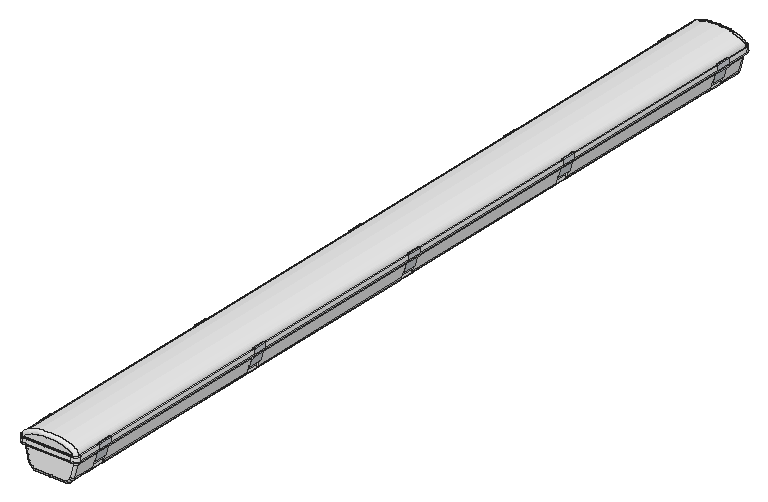
Revit family "0048676_t1500", category Lighting Fixtures, host Face, Revit 2017
Family settings
  Host = Face
  Round Connector Dimension = Use Diameter
  Part Type = Normal
  OmniClass Number = 23.80.70.11.14
  OmniClass Title = General Luminaries, Directional
  Cut with Voids When Loaded = Yes
  Light Source = Yes
  Shared = No
  Room Calculation Point = No
Parameters (values of type "0048676 ST WTRPRF T 1500 HO IP65 8300LM 865")
  Width = 110 mm
  Weight = "2.49 kg"
  Wattage Comments = "n/a"
  Wattage = 67 W
  WarrantyStartDate [instance] = "n/a"
  WarrantyGuarantorParts = "n/a"
  WarrantyDurationUnit = "n/a"
  WarrantyDurationParts = "n/a"
  WarrantyDescription = "n/a"
  built-in parameter 1150110 = 1 (stored number, unit not read)
  Voltage = 0 V
  URL = "http://www.sylvania-lighting.com"
  TypeName = "START Waterproof T 1500 HO IP65 8300lm 865"
  Type Image = <None>
  Type Comments = "n/a"
  built-in parameter 1114217 = 1 (stored number, unit not read)
  Tilt Angle = -90.00°
  built-in parameter 1150109 = 1 (stored number, unit not read)
  built-in parameter 1150134 = 1
  built-in parameter 1150113 = 1 (stored number, unit not read)
  SerialNumber [instance] = "n/a"
  ReflectorMaterial = none
  PowerFactor = 0.99
  PowerConsumption = "67 W"
  Photometric Web File = "0048676.ies"
  NominalWidth = 0 mm
  NominalLength = 1578 mm
  NominalHeight = 78 mm
  Name = "START Waterproof T 1500 HO IP65 8300lm 865"
  ModelReference = "START Waterproof T 1500 HO IP65 8300lm 865"
  ModelNumber = "0048676"
  Model = "START Waterproof T 1500 HO IP65 8300lm 865"
  Material = "pc polycarbonate housing, pc polycarbonate diffuser"
  ManufacturerName = "Feilo Sylvania"
  Manufacturer = "Feilo Sylvania"
  LuminousEfficacy = "124 lm/W"
  built-in parameter 1150105 = 661.13 (stored number, unit not read)
  Lumens = 8308 lm
  LuminaireType = ""
  built-in parameter 1150115 = 1 (stored number, unit not read)
  LightOutputRatio = "n/a"
  built-in parameter 1150137 = (empty or 0)
  built-in parameter 1150139 = (empty or 0)
  Length = 1572 mm
  LampsType = Lamp  # "LED"
  LampNominalLuminous = "8300 lm"
  LampMacAdamStep = "5"
  LampColourTemperature = "6500 K"
  LampColourRenderingIndex = "80"
  built-in parameter 1150112 = 1 (stored number, unit not read)
  built-in parameter 1150114 = 1 (stored number, unit not read)
  Lamp = "LED"
  Keynote = "16500"
  InstallationDate [instance] = "n/a"
  InputVoltage = "n/a"
  InputNominalFrequency = "n/a"
  built-in parameter 1150132 = (empty or 0)
  built-in parameter 1150102 = (empty or 0)
  built-in parameter 1150107 = 6500 (stored number, unit not read)
  built-in parameter 1150138 = (empty or 0)
  IngressProtection = "IP65"
  ImpactProtectionIndex = "IK08"
  built-in parameter 1150106 = 6.6113 (stored number, unit not read)
  IfcExportType = "IfcLightFixtureType"
  IfcExportAs = "IfcLightFixtureType"
  ExpectedLife = 50000
  Emit from Rectangle Width = Width - 20 mm  # 90 mm
  Emit from Rectangle Length = Length - 20 mm  # 1552 mm
  Emit Shape Visible in Rendering = no
  ElectricShockClassification = "Class I"
  built-in parameter 1150104 = 11.52 (stored number, unit not read)
  DurationUnit = "hours"
  DocumentationLiterature = "http://www.sylvania-lighting.com/product/en-int/products/0048676"
  DimmingControlOptions = "n/a"
  Dimming Lamp Color Temperature Shift = <None>
  DiffuserMaterial = Diffuser-Sylvania-Transparent
  Description = "Start Waterproof, integrated LED weatherproof luminaire, with UV stabilized flat diffuser and linear prisms designed to achieve uniform lit appearance, optimise light output and to reduce glare, stainless steel diffuser clips and fixing brackets for surface mounting. Polycarbonate housing, Polycarbonate diffuser, 8300 lm, 67 W, 120 lm/W, 6500 K, drive current 1010 mA, Non dimmable,  CRI80, IP65, IK08, Class I,  nominal average life (h):50000, 1578 mm x 110 mm x 78 mm ,energy class: A++ A+ A, D-mark"
  Default Elevation = 1219.2 mm
  CreatedOn = "7/11/2019"
  CreatedBy = "@sylvania-lighting.com"
  Cost = 0
  Color Filter = 16777215
  built-in parameter 1114216 [instance] = (empty or 0)
  ClassificationValue = "EF_70_80"
  ClassificationName = "Uniclass2015"
  BodyMaterial = Body-Sylvania-Gray
  BarCode [instance] = "n/a"
  built-in parameter 1114218 = 1 (stored number, unit not read)
  built-in parameter 1150133 = 10 (stored number, unit not read)
  AssetType = "Fixed"
  AssetIdentifier [instance] = "n/a"
  Assembly Code = "D5020200"
  Apparent Load = 67 VA
  AccessoryMaterial = Diffuser-Sylvania-Glow
Reference planes
  plane 1 "Center (Front/Back)": y = 0
  plane 2: z = 0
  plane 3 "Center (Left/Right)": x = 0
  plane 4: z = 54
  plane 5: x = -27.7
  plane 6: x = -34.8
  plane 7: x = -39.6
  plane 8: x = -42.2
  plane 9: z = 3
  plane 10: z = 7.8
  plane 11: z = 12.3
  plane 12: z = 36.6
  plane 13: z = 42.8
  plane 14: x = -51.1
  plane 15: z = 46.2
  plane 16: x = -55
  plane 17: y = 786
  plane 18: y = -786
  plane 19: x = 27.7
  plane 20: x = 34.8
  plane 21: x = 39.6
  plane 22: x = 42.2
  plane 23: x = 51.1
  plane 24: x = 55
  plane 25: y = 778.4
  plane 26: y = -778.4
  plane 27: y = -774.7
  plane 28: y = 774.7
  plane 29: z = 74
  plane 30: x = -51.5
  plane 31: x = 51.5
  plane 32: z = 55.2
  plane 33: y = -782.5
  plane 34: y = 782.5
  plane 35: x = -37.5
  plane 36: x = 37.5
  plane 37: x = -48.7
  plane 38: x = 48.7
  plane 39: x = 18
  plane 40: x = -18
  plane 41: z = 50.2
  plane 42: z = 24.6
  plane 43: y = 720
  plane 44: y = 706
  plane 45: y = 734
  plane 46: y = -720
  plane 47: y = 720
  plane 48: y = 706
  plane 49: y = 734
  plane 50: y = -720
  plane 51: y = -734
  plane 52: y = -706
  plane 53: y = 360
  plane 54: y = 346
  plane 55: y = 374
  plane 56: y = 0
  plane 57: y = -14
  plane 58: y = 14
  plane 59: y = -360
  plane 60: y = -374
  plane 61: y = -346
Forms (mm)
  Sweep 1, solid, material "Body-Sylvania-Gray" <- "BodyMaterial", detail levels medium+fine
    path origin (1223.4, -4572, 54) x (0, -1, 0) y (1, 0, 0)
      loop
        arc (-3796, -1278.4) -> (-3788.929, -1275.471) -> (-3786, -1268.4) r 10
        line (-3786, -1268.4) -> (-3786, -1178.4)
        arc (-3786, -1178.4) -> (-3788.929, -1171.329) -> (-3796, -1168.4) r 10
        line (-3796, -1168.4) -> (-5348, -1168.4)
        arc (-5348, -1168.4) -> (-5355.071, -1171.329) -> (-5358, -1178.4) r 10
        line (-5358, -1178.4) -> (-5358, -1268.4)
        arc (-5358, -1268.4) -> (-5355.071, -1275.471) -> (-5348, -1278.4) r 10
        line (-5348, -1278.4) -> (-3796, -1278.4)
    profile origin (-55, 0, 54) x (-1, 0, 0) y (0, 0, 1)
      loop
        line (0, 0) -> (-1, 0) -> (-1, -7.726)
        arc (-1, -7.726) -> (-1.994, -9.498) -> (-3.9, -10.2) r 2.937
        line (-3.9, -10.2) -> (-8.571, -10.2) -> (-8.571, -11.2) -> (-3.9, -11.2)
        arc (-3.9, -11.2) -> (-1.313, -10.231) -> (0, -7.8) r 3.937
        line (0, -7.8) -> (0, 0)
  Sweep 2, solid, material "Body-Sylvania-Gray" <- "BodyMaterial", detail levels medium+fine
    path origin (0, 0, 0) x (1, 0, 0) y (0, 0, 1)
      loop
        line (48.7, 42.8) -> (48.7, 36.6) -> (42.203, 12.31)
        arc (42.203, 12.31) -> (41.199, 9.884) -> (39.6, 7.8) r 10.052
        line (39.6, 7.8) -> (34.8, 3)
        arc (34.8, 3) -> (31.554, 0.781) -> (27.7, 0) r 9.902
        line (27.7, 0) -> (0, 0) -> (-27.7, 0)
        arc (-27.7, 0) -> (-31.554, 0.781) -> (-34.8, 3) r 9.902
        line (-34.8, 3) -> (-39.6, 7.8)
        arc (-39.6, 7.8) -> (-41.199, 9.884) -> (-42.203, 12.31) r 10.052
        line (-42.203, 12.31) -> (-48.7, 36.6) -> (-48.7, 42.8)
    profile origin (0, 0, 0) x (0, 0, -1) y (0, -1, 0)
      loop
        arc (0, 773.4) -> (-1.464, 776.936) -> (-5, 778.4) r 5
        line (-5, 778.4) -> (-7.8, 778.4) -> (-7.8, -778.4) -> (-5, -778.4)
        arc (-5, -778.4) -> (-1.464, -776.936) -> (0, -773.4) r 5
        line (0, -773.4) -> (0, 773.4)
  Extrusion 3, solid, material "Body-Sylvania-Gray" <- "BodyMaterial", detail levels medium+fine
    sketch origin (1524, 778.4, 1219.2) x (1, 0, 0) y (0, 0, 1)
      loop
        arc (-1558.668, -1204.874) -> (-1558.443, -1205.418) -> (-1558.085, -1205.885) r 2.252
        line (-1558.085, -1205.885) -> (-1553.231, -1210.738)
        arc (-1553.231, -1210.738) -> (-1552.534, -1211.227) -> (-1551.7, -1211.4) r 2.102
        line (-1551.7, -1211.4) -> (-1496.3, -1211.4)
        arc (-1496.3, -1211.4) -> (-1495.466, -1211.227) -> (-1494.769, -1210.738) r 2.102
        line (-1494.769, -1210.738) -> (-1489.915, -1205.885)
        arc (-1489.915, -1205.885) -> (-1489.557, -1205.418) -> (-1489.332, -1204.874) r 2.252
        line (-1489.332, -1204.874) -> (-1483.1, -1181.575) -> (-1483.1, -1176.4) -> (-1564.9, -1176.4) -> (-1564.9, -1181.575) -> (-1558.668, -1204.874)
    from 0 to 1556.8
  Sweep 4, solid, material "Diffuser-Sylvania-Transparent" <- "DiffuserMaterial", detail levels medium+fine
    path origin (0, 0, 0) x (1, 0, 0) y (0, 0, 1)
      loop
        spline (-51.5, 55.2) -> (-49.745, 60.066) -> (-44.6, 64.6) -> (-36.416, 68.494) -> (-25.75, 71.481) -> (-13.329, 73.359) -> (0, 74) -> (13.329, 73.359) -> (25.75, 71.481) -> (36.416, 68.494) -> (44.6, 64.6) -> (49.745, 60.066) -> (51.5, 55.2)
    profile origin (51.5, 0, 55.2) x (0, -1, 0) y (1, 0, 0)
      loop
        arc (782.5, -5.5) -> (780.889, -1.611) -> (777, 0) r 5.5
        line (777, 0) -> (-777, 0)
        arc (-777, 0) -> (-780.889, -1.611) -> (-782.5, -5.5) r 5.5
        line (-782.5, -5.5) -> (-782.5, -6.3) -> (-781.5, -6.3) -> (-781.5, -5.5)
        arc (-781.5, -5.5) -> (-780.182, -2.318) -> (-777, -1) r 4.5
        line (-777, -1) -> (777, -1)
        arc (777, -1) -> (780.182, -2.318) -> (781.5, -5.5) r 4.5
        line (781.5, -5.5) -> (781.5, -6.347) -> (782.5, -6.347) -> (782.5, -5.5)
  Extrusion 5, solid, material "Diffuser-Sylvania-Transparent" <- "DiffuserMaterial", detail levels medium+fine
    sketch origin (1524, -782.5, 1219.2) x (1, 0, 0) y (0, 0, 1)
      loop
        line (-1569.653, -1164) -> (-1478.347, -1164)
        spline (-1478.347, -1164) -> (-1478.969, -1162.594) -> (-1482.527, -1159.545) -> (-1489.588, -1156.201) -> (-1499.458, -1153.445) -> (-1511.242, -1151.663) -> (-1524, -1151.049) -> (-1536.758, -1151.663) -> (-1548.542, -1153.445) -> (-1558.412, -1156.201) -> (-1565.473, -1159.545) -> (-1569.031, -1162.594) -> (-1569.653, -1164)
    from 0 to -1
  Extrusion 6, solid, material "Diffuser-Sylvania-Transparent" <- "DiffuserMaterial", detail levels medium+fine
    sketch origin (1524, 782.5, 1219.2) x (1, 0, 0) y (0, 0, 1)
      loop
        spline (-1478.3, -1164) -> (-1478.931, -1162.565) -> (-1482.502, -1159.505) -> (-1489.572, -1156.155) -> (-1499.446, -1153.394) -> (-1511.236, -1151.614) -> (-1524, -1151.007) -> (-1536.764, -1151.614) -> (-1548.554, -1153.394) -> (-1558.428, -1156.155) -> (-1565.498, -1159.505) -> (-1569.069, -1162.565) -> (-1569.7, -1164)
        line (-1569.7, -1164) -> (-1478.3, -1164)
    from 0 to 1
  Extrusion 7, solid, material "Diffuser-Sylvania-Transparent" <- "DiffuserMaterial", detail levels medium+fine
    sketch origin (1223.4, -4572, 55.2) x (0, -1, 0) y (-1, 0, 0)
      loop
        arc (-5353.5, 1177.4) -> (-5352.182, 1174.218) -> (-5349, 1172.9) r 4.5
        line (-5349, 1172.9) -> (-3795, 1172.9)
        arc (-3795, 1172.9) -> (-3791.818, 1174.218) -> (-3790.5, 1177.4) r 4.5
        line (-3790.5, 1177.4) -> (-3790.5, 1269.4)
        arc (-3790.5, 1269.4) -> (-3791.818, 1272.582) -> (-3795, 1273.9) r 4.5
        line (-3795, 1273.9) -> (-5349, 1273.9)
        arc (-5349, 1273.9) -> (-5352.182, 1272.582) -> (-5353.5, 1269.4) r 4.5
        line (-5353.5, 1269.4) -> (-5353.5, 1177.4)
      loop
        line (-5358, 1268.4) -> (-5358, 1178.4)
        arc (-5358, 1178.4) -> (-5355.071, 1171.329) -> (-5348, 1168.4) r 10
        line (-5348, 1168.4) -> (-3796, 1168.4)
        arc (-3796, 1168.4) -> (-3788.929, 1171.329) -> (-3786, 1178.4) r 10
        line (-3786, 1178.4) -> (-3786, 1268.4)
        arc (-3786, 1268.4) -> (-3788.929, 1275.471) -> (-3796, 1278.4) r 10
        line (-3796, 1278.4) -> (-5348, 1278.4)
        arc (-5348, 1278.4) -> (-5355.071, 1275.471) -> (-5358, 1268.4) r 10
    from 0 to 1.2
  Extrusion 8, solid, material "Diffuser-Sylvania-Glow" <- "AccessoryMaterial", detail levels fine
    sketch origin (0, 0, 0) x (1, 0, 0) y (0, 0, 1)
      loop
        circle (-18, 50.2) r 8
      loop
        circle (18, 50.2) r 8
    from -774.7 to 774.7
  Extrusion 9, void
    sketch origin (0, 720, 2343.807) x (0, 0, -1) y (-1, 0, 0)
      loop
        line (2340.807, -37.5) -> (2331.507, -37.5) -> (2319.207, -42.2) -> (2319.207, -48.7) -> (2340.807, -48.7) -> (2340.807, -37.5)
      loop
        line (2340.807, 37.5) -> (2340.807, 48.7) -> (2319.207, 48.7) -> (2319.207, 42.2) -> (2331.507, 37.5) -> (2340.807, 37.5)
    from -14 to 14
  Extrusion 10, solid, material "Body-Sylvania-Gray" <- "BodyMaterial", detail levels coarse
    sketch origin (0, 0, 0) x (1, 0, 0) y (0, 0, 1)
      loop
        line (55, 42.8) -> (55, 55.2) -> (-55, 55.2) -> (-55, 42.791) -> (-42.2, 0) -> (42.2, 0) -> (55, 42.8)
    from -786 to 786
  Extrusion 11, solid, material "Diffuser-Sylvania-Transparent" <- "DiffuserMaterial", detail levels coarse
    sketch origin (0, 0, 0) x (1, 0, 0) y (0, 0, 1)
      loop
        arc (51.5, 55.2) -> (0, 74) -> (-51.5, 55.2) r 79.939
        line (-51.5, 55.2) -> (51.5, 55.2)
    from 778.4 to -778.4
  Extrusion 12, void, not visible
    sketch origin (0, 720, 2343.807) x (0, 0, -1) y (-1, 0, 0)
      loop
        line (2340.807, -37.5) -> (2331.507, -37.5) -> (2319.207, -42.2) -> (2319.207, -48.7) -> (2340.807, -48.7) -> (2340.807, -37.5)
      loop
        line (2340.807, 37.5) -> (2340.807, 48.7) -> (2319.207, 48.7) -> (2319.207, 42.2) -> (2331.507, 37.5) -> (2340.807, 37.5)
    from -14 to 14
  Extrusion 13, void
    sketch origin (0, -720, 2343.807) x (0, 0, -1) y (-1, 0, 0)
      loop
        line (2340.807, -37.5) -> (2331.507, -37.5) -> (2319.207, -42.2) -> (2319.207, -48.7) -> (2340.807, -48.7) -> (2340.807, -37.5)
      loop
        line (2340.807, 37.5) -> (2340.807, 48.7) -> (2319.207, 48.7) -> (2319.207, 42.2) -> (2331.507, 37.5) -> (2340.807, 37.5)
    from -14 to 14
  Extrusion 14, void
    sketch origin (0, 360, 2343.807) x (0, 0, -1) y (-1, 0, 0)
      loop
        line (2340.807, -37.5) -> (2331.507, -37.5) -> (2319.207, -42.2) -> (2319.207, -48.7) -> (2340.807, -48.7) -> (2340.807, -37.5)
      loop
        line (2340.807, 37.5) -> (2340.807, 48.7) -> (2319.207, 48.7) -> (2319.207, 42.2) -> (2331.507, 37.5) -> (2340.807, 37.5)
    from -14 to 14
  Extrusion 15, void
    sketch origin (0, 0, 2343.807) x (0, 0, -1) y (-1, 0, 0)
      loop
        line (2340.807, -37.5) -> (2331.507, -37.5) -> (2319.207, -42.2) -> (2319.207, -48.7) -> (2340.807, -48.7) -> (2340.807, -37.5)
      loop
        line (2340.807, 37.5) -> (2340.807, 48.7) -> (2319.207, 48.7) -> (2319.207, 42.2) -> (2331.507, 37.5) -> (2340.807, 37.5)
    from -14 to 14
  Extrusion 16, void
    sketch origin (0, -360, 2343.807) x (0, 0, -1) y (-1, 0, 0)
      loop
        line (2340.807, -37.5) -> (2331.507, -37.5) -> (2319.207, -42.2) -> (2319.207, -48.7) -> (2340.807, -48.7) -> (2340.807, -37.5)
      loop
        line (2340.807, 37.5) -> (2340.807, 48.7) -> (2319.207, 48.7) -> (2319.207, 42.2) -> (2331.507, 37.5) -> (2340.807, 37.5)
    from -14 to 14
Cuts and joins
  Extrusion 9, Extrusion 13, Extrusion 14, Extrusion 15, Extrusion 16 cuts Sweep 2
  Extrusion 13, Extrusion 14, Extrusion 15, Extrusion 16 cuts Extrusion 3
  joined: Sweep 2, Extrusion 3
  joined: Sweep 4, Extrusion 5, Extrusion 6
Dimensions and locks
  locked: plane 4 to plane 2 at 54
  plane 5 to plane 6 to plane 7 to plane 8 to plane 14 to plane 16 = 7.1 mm locked, 4.8 mm locked, 2.6 mm locked, 8.9 mm, 3.9 mm
  plane 4 to plane 15 to plane 13 to plane 12 to plane 11 to plane 10 to plane 9 = 7.8 mm locked, 3.4 mm, 6.2 mm locked, 24.3 mm locked, 4.5 mm locked, 4.8 mm locked
  equal spacing: plane 18, plane 1 "Center (Front/Back)", plane 17
  "Length": plane 18 to plane 17
  plane 19 to plane 20 to plane 21 to plane 22 to plane 23 to plane 24 = 7.1 mm locked, 4.8 mm locked, 2.6 mm locked, 8.9 mm, 3.9 mm
  equal spacing: plane 24, plane 3 "Center (Left/Right)", plane 16
  "Width": plane 24 to plane 16
  equal spacing: plane 27, plane 1 "Center (Front/Back)", plane 28
  locked: plane 26 to plane 27 at 3.7
  locked: Sweep 1 sketch curve to profile plane at 1
  locked: Sweep 1 sketch curve to plane 13 at 1
  locked: Sweep 1 sketch curve to plane 13 at 3.937  (x2)
  locked: Sweep 1 sketch curve to profile plane at 3.9  (x2)
  locked: plane 29 to plane 4 at 20
  equal spacing: plane 31, plane 3 "Center (Left/Right)", plane 30
  locked: plane 30 to plane 16 at 3.5
  locked: plane 32 to plane 4 at 1.2
  equal spacing: plane 33, plane 1 "Center (Front/Back)", plane 34
  equal spacing: plane 36, plane 3 "Center (Left/Right)", plane 35
  locked: plane 3 "Center (Left/Right)" to plane 35 at 37.5
  locked: plane 34 to plane 17 at 3.5
  equal spacing: plane 38, plane 3 "Center (Left/Right)", plane 37
  locked: plane 37 to plane 16 at 6.3
  equal spacing: plane 25, plane 1 "Center (Front/Back)", plane 26
  locked: plane 17 to plane 25 at 7.6
  locked: Sweep 2 sketch curve to plane 2 at 5  (x2)
  locked: Sweep 2 sketch curve to plane 26 at 5
  locked: plane 25 to Sweep 2 sketch curve at 5
  locked: Sweep 4 sketch curve to plane 31 at 5.5  (x2)
  locked: Sweep 4 sketch curve to plane 34 at 5.5
  plane 33 to Sweep 4 sketch curve = 5.5 mm
  locked: plane 34 to Sweep 4 sketch curve at 1
  locked: Sweep 4 sketch curve to plane 31 at 1
  locked: Sweep 4 sketch curve to Sweep 4 sketch curve at 1
  locked: Sweep 4 sketch curve to plane 31 at 6.347
  locked: Sweep 4 sketch curve to plane 31 at 6.3
  equal spacing: plane 39, plane 3 "Center (Left/Right)", plane 40
  locked: plane 3 "Center (Left/Right)" to plane 40 at 18
  locked: plane 42 to plane 2 at 24.6
  plane 45 to plane 43 to plane 44 = 14 mm locked, 14 mm locked
  locked: plane 17 to plane 43 at 66
  equal spacing: plane 43, plane 1 "Center (Front/Back)", plane 46
  plane 49 to plane 47 to plane 48 = 14 mm locked, 14 mm locked
  plane 52 to plane 50 to plane 51 = 14 mm locked, 14 mm locked  (x2)
  equal spacing: group 1, group 6, group 7, group 8, group 5  (x2)
  equal spacing: group 5, group 8, group 7, group 6, group 1
  plane 55 to plane 53 to plane 54 = 14 mm locked, 14 mm locked  (x2)
  plane 58 to plane 56 to plane 57 = 14 mm locked, 14 mm locked  (x2)
  plane 61 to plane 59 to plane 60 = 14 mm locked, 14 mm locked  (x2)
  plane 43 to plane 53 to plane 1 "Center (Front/Back)" to plane 59 to plane 50 = 360 mm locked, 360 mm locked, 360 mm locked, 360 mm locked
  aligned and locked: plane 2 to host face
  aligned and locked: level to host face
  aligned and locked: plane 16 to Sweep 1 sketch curve
  aligned and locked: Sweep 1 sketch curve to plane 24
  aligned and locked: plane 18 to Sweep 1 sketch curve
  aligned and locked: Sweep 1 sketch curve to plane 13
  aligned and locked: profile plane to Sweep 1 sketch curve
  aligned and locked: plane 3 "Center (Left/Right)" to Sweep 2 sketch curve
  aligned and locked: plane 9 to Sweep 2 sketch curve
  aligned and locked: plane 10 to Sweep 2 sketch curve
  aligned and locked: plane 37 to Sweep 2 sketch curve
  aligned and locked: plane 12 to Sweep 2 sketch curve
  aligned and locked: Sweep 2 sketch curve to level
  aligned and locked: plane 21 to Sweep 2 sketch curve
  aligned and locked: plane 38 to Sweep 2 sketch curve
  aligned and locked: profile plane to Sweep 2 sketch curve
  aligned and locked: plane 25 to Sweep 2 sketch curve
  aligned and locked: Sweep 2 sketch curve to plane 10
  aligned and locked: Extrusion 3 sketch curve to Sweep 2  (x7)
  aligned and locked: Sweep 2 to Extrusion 3 sketch curve
  aligned and locked: Extrusion 3 to plane 25
  aligned and locked: plane 26 to Extrusion 3
  aligned and locked: plane 32 to Sweep 4 sketch curve
  aligned and locked: plane 33 to Sweep 4 sketch curve
  aligned and locked: Sweep 4 to Extrusion 5
  aligned and locked: plane 33 to Extrusion 5
  aligned and locked: Extrusion 5 sketch curve to Sweep 4
  aligned and locked: cut or joined group of Sweep 4, Extrusion 5, Extrusion 6 to Extrusion 6 sketch curve
  aligned and locked: Extrusion 7 sketch curve to cut or joined group of Sweep 4, Extrusion 5, Extrusion 6  (x2)
  aligned and locked: cut or joined group of Sweep 4, Extrusion 5, Extrusion 6 to Extrusion 7 sketch curve  (x2)
  aligned and locked: plane 41 to Extrusion 8 sketch curve  (x2)
  aligned and locked: plane 39 to Extrusion 8 sketch curve
  aligned and locked: plane 27 to Extrusion 8
  aligned and locked: Extrusion 8 to plane 28
  aligned and locked: Extrusion 9 to plane 42
  aligned and locked: plane 9 to Extrusion 9
  aligned and locked: plane 44 to Extrusion 9
  aligned and locked: Extrusion 9 to plane 45
  aligned and locked: Extrusion 7 sketch curve to Sweep 1  (x4)
  aligned and locked: plane 4 to Extrusion 7
  aligned and locked: Extrusion 7 to plane 32
  aligned and locked: nested 2 to plane 43
  aligned and locked: plane 43 to nested 1
  aligned and locked: Extrusion 10 sketch curve to plane 24
  aligned and locked: Extrusion 10 sketch curve to Extrusion 7
  aligned and locked: plane 8 to Extrusion 10 sketch curve
  aligned and locked: plane 22 to Extrusion 10 sketch curve
  aligned and locked: level to Extrusion 10 sketch curve
  aligned and locked: Extrusion 10 to plane 17
  aligned and locked: plane 18 to Extrusion 10
  aligned and locked: cut or joined group of Sweep 4, Extrusion 5, Extrusion 6 to Extrusion 11 sketch curve
  aligned and locked: Extrusion 11 sketch curve to cut or joined group of Sweep 4, Extrusion 5, Extrusion 6  (x2)
  aligned and locked: plane 31 to Extrusion 11 sketch curve
  aligned and locked: plane 30 to Extrusion 11 sketch curve
  aligned and locked: plane 26 to Extrusion 11
  aligned and locked: Extrusion 11 to plane 25
  aligned and locked: imposter light to plane 29
  aligned and locked: plane 3 "Center (Left/Right)" to imposter light
  aligned and locked: plane 1 "Center (Front/Back)" to imposter light
  aligned and locked: plane 51 to Extrusion 13
  aligned and locked: Extrusion 13 to plane 52
  aligned and locked: plane 54 to Extrusion 14
  aligned and locked: Extrusion 14 to plane 55
  aligned and locked: plane 57 to Extrusion 15
  aligned and locked: Extrusion 15 to plane 58
  aligned and locked: plane 60 to Extrusion 16
  aligned and locked: Extrusion 16 to plane 61
  aligned and locked: nested 3 to plane 53
  aligned and locked: plane 53 to nested 10
  aligned and locked: nested 4 to plane 56
  aligned and locked: plane 56 to nested 9
  aligned and locked: nested 5 to plane 59
  aligned and locked: plane 59 to nested 8
  aligned and locked: nested 6 to plane 50
  aligned and locked: plane 50 to nested 7
Automatic sketch dimensions
  host sketch curve to host sketch curve = 2438.4 mm  (x2)
  plane 17 to Sweep 1 sketch curve = 0 mm
  Sweep 1 sketch curve to plane 28 = 1.3 mm
  Sweep 1 sketch curve to plane 7 = 5.4 mm
  plane 27 to Sweep 1 sketch curve = 1.3 mm  (x2)
  Sweep 1 sketch curve to Sweep 1 sketch curve = 4.671 mm
  Sweep 1 sketch curve to plane 4 = 0 mm
  Sweep 2 sketch curve to plane 7 = 0 mm
  Sweep 2 sketch curve to plane 6 = 0 mm
  Sweep 2 sketch curve to plane 5 = 0 mm
  plane 19 to Sweep 2 sketch curve = 0 mm
  Sweep 2 sketch curve to plane 9 = 0 mm
  plane 20 to Sweep 2 sketch curve = 0 mm
  Sweep 2 sketch curve to plane 12 = 0 mm
  Sweep 2 sketch curve to plane 10 = 0 mm
  Sweep 2 sketch curve to plane 13 = 0 mm  (x2)
  Sweep 2 sketch curve to plane 8 = 0.003 mm
  plane 6 to Sweep 2 sketch curve = 2.308 mm
  plane 20 to Sweep 2 sketch curve = 2.308 mm
  Sweep 2 sketch curve to plane 22 = 0.003 mm
  Sweep 2 sketch curve to plane 11 = 0.01 mm  (x2)
  Extrusion 3 sketch curve to plane 5 = 0 mm
  plane 19 to Extrusion 3 sketch curve = 0 mm
  plane 6 to Extrusion 3 sketch curve = 0.132 mm
  plane 6 to Extrusion 3 sketch curve = 0.715 mm
  Extrusion 3 sketch curve to Extrusion 3 sketch curve = 1.592 mm
  Extrusion 3 sketch curve to plane 10 = 0.662 mm  (x2)
  plane 20 to Extrusion 3 sketch curve = 2.308 mm
  plane 20 to Extrusion 3 sketch curve = 0.715 mm
  plane 20 to Extrusion 3 sketch curve = 0.132 mm
  Sweep 4 sketch curve to plane 30 = 0 mm
  Sweep 4 sketch curve to plane 3 "Center (Left/Right)" = 0 mm
  Sweep 4 sketch curve to Sweep 4 sketch curve = 0 mm  (x2)
  plane 37 to Extrusion 5 sketch curve = 3.047 mm
  Extrusion 5 sketch curve to plane 38 = 3.047 mm
  plane 37 to Extrusion 6 sketch curve = 3 mm
  Extrusion 6 sketch curve to plane 38 = 3 mm
  plane 25 to Extrusion 7 sketch curve = 1.4 mm  (x2)
  Extrusion 7 sketch curve to plane 26 = 1.4 mm  (x2)
  Extrusion 8 sketch curve to plane 40 = 0 mm
  Extrusion 9 sketch curve to Extrusion 9 sketch curve = 0 mm
  Extrusion 9 sketch curve to Extrusion 9 sketch curve = 12.3 mm  (x2)
  Extrusion 9 sketch curve to Extrusion 9 sketch curve = 9.3 mm  (x2)
  Extrusion 9 sketch curve to Extrusion 9 sketch curve = 6.5 mm
  Extrusion 9 sketch curve to Extrusion 9 sketch curve = 4.7 mm  (x2)
  Extrusion 9 sketch curve to Extrusion 9 sketch curve = 75 mm
  Extrusion 9 sketch curve to Extrusion 9 sketch curve = 11.2 mm
  Extrusion 10 sketch curve to plane 13 = 0 mm
  plane 13 to Extrusion 10 sketch curve = 0.009 mm
  Extrusion 11 sketch curve to level = 5.939 mm
  Extrusion 10 sketch curve to plane 16 = 0 mm
  Extrusion 12 sketch curve to Extrusion 12 sketch curve = 0 mm
  Extrusion 12 sketch curve to Extrusion 12 sketch curve = 12.3 mm  (x2)
  Extrusion 12 sketch curve to Extrusion 12 sketch curve = 9.3 mm  (x2)
  Extrusion 12 sketch curve to Extrusion 12 sketch curve = 6.5 mm
  Extrusion 12 sketch curve to Extrusion 12 sketch curve = 4.7 mm  (x2)
  Extrusion 12 sketch curve to Extrusion 12 sketch curve = 75 mm
  Extrusion 12 sketch curve to Extrusion 12 sketch curve = 11.2 mm
  Extrusion 13 sketch curve to Extrusion 13 sketch curve = 0 mm
  Extrusion 13 sketch curve to Extrusion 13 sketch curve = 12.3 mm  (x2)
  Extrusion 13 sketch curve to Extrusion 13 sketch curve = 9.3 mm  (x2)
  Extrusion 13 sketch curve to Extrusion 13 sketch curve = 6.5 mm
  Extrusion 13 sketch curve to Extrusion 13 sketch curve = 4.7 mm  (x2)
  Extrusion 13 sketch curve to Extrusion 13 sketch curve = 75 mm
  Extrusion 13 sketch curve to Extrusion 13 sketch curve = 11.2 mm
  Extrusion 14 sketch curve to Extrusion 14 sketch curve = 0 mm
  Extrusion 14 sketch curve to Extrusion 14 sketch curve = 12.3 mm  (x2)
  Extrusion 14 sketch curve to Extrusion 14 sketch curve = 9.3 mm  (x2)
  Extrusion 14 sketch curve to Extrusion 14 sketch curve = 6.5 mm
  Extrusion 14 sketch curve to Extrusion 14 sketch curve = 4.7 mm  (x2)
  Extrusion 14 sketch curve to Extrusion 14 sketch curve = 75 mm
  Extrusion 14 sketch curve to Extrusion 14 sketch curve = 11.2 mm
  Extrusion 15 sketch curve to Extrusion 15 sketch curve = 0 mm
  Extrusion 15 sketch curve to Extrusion 15 sketch curve = 12.3 mm  (x2)
  Extrusion 15 sketch curve to Extrusion 15 sketch curve = 9.3 mm  (x2)
  Extrusion 15 sketch curve to Extrusion 15 sketch curve = 6.5 mm
  Extrusion 15 sketch curve to Extrusion 15 sketch curve = 4.7 mm  (x2)
  Extrusion 15 sketch curve to Extrusion 15 sketch curve = 75 mm
  Extrusion 15 sketch curve to Extrusion 15 sketch curve = 11.2 mm
  Extrusion 16 sketch curve to Extrusion 16 sketch curve = 0 mm
  Extrusion 16 sketch curve to Extrusion 16 sketch curve = 12.3 mm  (x2)
  Extrusion 16 sketch curve to Extrusion 16 sketch curve = 9.3 mm  (x2)
  Extrusion 16 sketch curve to Extrusion 16 sketch curve = 6.5 mm
  Extrusion 16 sketch curve to Extrusion 16 sketch curve = 4.7 mm  (x2)
  Extrusion 16 sketch curve to Extrusion 16 sketch curve = 75 mm
  Extrusion 16 sketch curve to Extrusion 16 sketch curve = 11.2 mm
  radius of Extrusion 8 sketch curve = 8 mm  (x2)
Nested families
  nested 1: "Clip" at (42.2, 720, 24.6), type "Clip", detail levels fine
  nested 2: "Clip" at (-42.2, 720, 24.6) x (-1, 0, 0) z (0, 0, 1), type "Clip", detail levels fine
  nested 3: "Clip" at (-42.2, 360, 24.6) x (-1, 0, 0) z (0, 0, 1), type "Clip", detail levels fine
  nested 4: "Clip" at (-42.2, 0, 24.6) x (-1, 0, 0) z (0, 0, 1), type "Clip", detail levels fine
  nested 5: "Clip" at (-42.2, -360, 24.6) x (-1, 0, 0) z (0, 0, 1), type "Clip", detail levels fine
  nested 6: "Clip" at (-42.2, -720, 24.6) x (-1, 0, 0) z (0, 0, 1), type "Clip", detail levels fine
  nested 7: "Clip" at (42.2, -720, 24.6), type "Clip", detail levels fine
  nested 8: "Clip" at (42.2, -360, 24.6), type "Clip", detail levels fine
  nested 9: "Clip" at (42.2, 0, 24.6), type "Clip", detail levels fine
  nested 10: "Clip" at (42.2, 360, 24.6), type "Clip", detail levels fine
Connectors
  electrical at (0, 0, 0), driven by "Apparent Load"
    settings: index 1, voltage 230 V, apparent load 67 VA, apparent load phase1 0 VA, apparent load phase2 0 VA, apparent load phase3 0 VA, power factor 0, load classification "Lighting", number of poles 1, system type 30, power factor state 1, is connector primary yes, connector utility no, sub classification motor no, connector description ""
Definition of nested family "Clip"
  Parameters (values of type "Clip")
    URL = "http://www.feilosylvania.com"
    Type Comments = "n/a"
    Model = "n/a"
    Manufacturer = "Feilo Sylvania"
    Keynote = "n/a"
    Description = "n/a"
    Default Elevation = 1219.2 mm
    Cost = 0
    BodyMaterial = none
    Assembly Code = "n/a"
  Reference planes
    plane 1 "Center (Front/Back)": y = 0
    plane 2: z = 0
    plane 3 "Center (Left/Right)": x = 0
    plane 4: x = 3.3
    plane 5: x = 6.5
    plane 6: x = 8.9
    plane 7: x = 12.8
    plane 8: z = 12
    plane 9: z = 18.2
    plane 10: z = 21.6
    plane 11: z = 30.6
    plane 12: x = 9.3
    plane 13: z = 19.2
    plane 14: z = 16.2
    plane 15: x = 10.1
    plane 16: y = 12
    plane 17: y = -12
  Forms (mm)
    Extrusion 1, solid
      sketch origin (-0.8, 0, 0) x (1, 0, 0) y (0, 1, 0)
        loop
          line (-1219.2, 1219.2) -> (-1219.2, -1219.2) -> (1219.2, -1219.2) -> (1219.2, 1219.2) -> (-1219.2, 1219.2)
      from 0 to -304.8
    Extrusion 2, solid
      sketch origin (0, 0, 0) x (1, 0, 0) y (0, 0, 1)
        loop
          line (8.9, 16.2) -> (4.58, 0) -> (0, 0) -> (0, -0.8) -> (5.195, -0.8) -> (9.603, 15.731) -> (13.6, 18.806) -> (13.6, 30.6)
          arc (13.6, 30.6) -> (11.45, 32.75) -> (9.3, 30.6) r 2.15
          line (9.3, 30.6) -> (10.1, 30.6)
          arc (10.1, 30.6) -> (11.45, 31.95) -> (12.8, 30.6) r 1.35
          line (12.8, 30.6) -> (12.8, 19.2) -> (8.9, 16.2)
      from -12 to 12
  Lines and regions (mm)
    reference lines
      curve 1: line (3.3, 0, 0) -> (6.5, 0, 12)
      curve 2: arc (8.9, 0, 18.2) -> (11.488, 0, 19.169) -> (12.8, 0, 21.6) r 3.934
  Dimensions and locks
    plane 7 to plane 6 to plane 5 to plane 4 to plane 3 "Center (Left/Right)" = 3.9 mm locked, 2.4 mm locked, 3.2 mm locked, 3.3 mm locked
    plane 11 to plane 10 to plane 9 to plane 8 to plane 2 = 9 mm locked, 3.4 mm locked, 6.2 mm locked, 12 mm locked
    locked: plane 7 to plane 12 at 3.5
    locked: plane 13 to plane 9 at 1
    locked: plane 9 to plane 14 at 2
    locked: plane 15 to plane 12 at 0.8
    locked: plane 2 to Extrusion 2 sketch curve at 0.8
    locked: Extrusion 2 sketch curve to Extrusion 2 sketch curve at 0.8  (x3)
    locked: plane 7 to Extrusion 2 sketch curve at 1.35
    equal spacing: plane 17, plane 1 "Center (Front/Back)", plane 16
    locked: plane 1 "Center (Front/Back)" to plane 16 at 12
    aligned and locked: plane 2 to Extrusion 1
    aligned and locked: level to Extrusion 1
    aligned and locked: plane 4 to curve 1
    aligned and locked: plane 5 to curve 1
    aligned and locked: plane 6 to curve 2
    aligned and locked: plane 10 to curve 2
    aligned and locked: plane 14 to Extrusion 2 sketch curve
    aligned and locked: plane 13 to Extrusion 2 sketch curve
    aligned and locked: plane 7 to Extrusion 2 sketch curve
    aligned and locked: plane 3 "Center (Left/Right)" to Extrusion 2 sketch curve
    aligned and locked: Extrusion 2 sketch curve to level
    aligned and locked: Extrusion 2 sketch curve to plane 11
    aligned and locked: plane 11 to Extrusion 2 sketch curve
    aligned and locked: Extrusion 2 to plane 16
    aligned and locked: plane 17 to Extrusion 2
  Automatic sketch dimensions
    Extrusion 1 sketch curve to Extrusion 1 sketch curve = 2438.4 mm  (x2)
    curve 2 to plane 7 = 0 mm
    curve 1 to level = 0 mm
    curve 1 to plane 8 = 0 mm
    curve 2 to plane 9 = 0 mm
    plane 6 to curve 2 = 0.002 mm
    Extrusion 2 sketch curve to Extrusion 2 sketch curve = 0 mm
    Extrusion 2 sketch curve to plane 6 = 0 mm
    plane 4 to Extrusion 2 sketch curve = 1.28 mm
